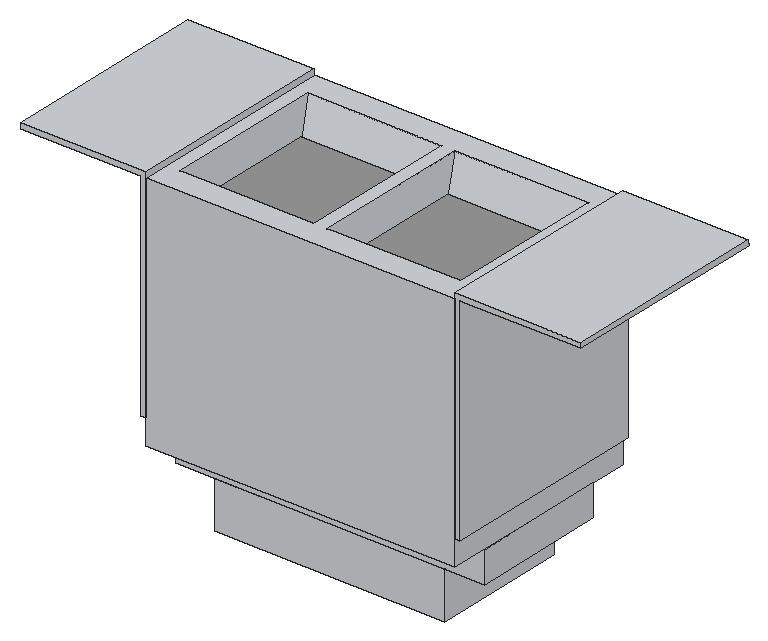
Revit family "2061079 Sylvania Lighting Fixture DOMINO 2xLED 940 BLACK NB TRIMLESS WHITE", category Lighting Fixtures, host Face, Revit 2018
Family settings
  Host = Face
  Round Connector Dimension = Use Diameter
  Part Type = Normal
  OmniClass Number = 23.80.70.00
  OmniClass Title = Lighting
  Cut with Voids When Loaded = No
  Light Source = Yes
  Shared = No
  Room Calculation Point = No
Parameters (values of type "2061079 DOMINO 2XLED 940 BLACK NB TS WHT ")
  top top length = 44 mm
  Width = 50 mm
  Weight = "n/a"
  Wattage Comments = ""
  Wattage = 9.2903 W
  WarrantyStartDate [instance] = "n/a"
  WarrantyGuarantorParts = "n/a"
  WarrantyDurationUnit = "n/a"
  WarrantyDurationParts = ""
  WarrantyDescription = "http://www.sylvania-lighting.com"
  built-in parameter 1150110 = 1 (stored number, unit not read)
  Voltage = 0 V
  URL = "0.6"
  TypeName = "DOMINO 2xLED 940 BLACK NB TRIMLESS WHITE"
  Type Image = <None>
  Type Comments = "n/a"
  built-in parameter 1114217 = 1 (stored number, unit not read)
  Top Width = 26 mm
  Tilt Angle = 90.00°
  built-in parameter 1150109 = 1 (stored number, unit not read)
  built-in parameter 1150134 = 3
  built-in parameter 1150113 = 1 (stored number, unit not read)
  SerialNumber [instance] = "n/a"
  Recessed Width = 43 mm
  Recessed Length = 63 mm
  Photometric Web File = "2061079.ies"
  Material_3_FEILO = none
  PowerFactor = 0
  PowerConsumption = "Lighting"
  NominalLength = 40 mm
  NominalHeight = 0 mm
  NominalDepth = 0 mm
  Name = "DOMINO 2xLED 940 BLACK NB TRIMLESS WHITE"
  ModelReference = Name  # "DOMINO 2xLED 940 BLACK NB TRIMLESS WHITE"
  ModelNumber = "2061079"
  Model = Name  # "DOMINO 2xLED 940 BLACK NB TRIMLESS WHITE"
  Material = "Feilo Sylvania"
  ManufacturerName = "59 lm/W"
  Manufacturer = ""
  LuminousEfficacy = ""
  built-in parameter 1150105 = 109.82 (stored number, unit not read)
  Lumens = 1380 lm
  LuminaireType = "0"
  built-in parameter 1150115 = 1 (stored number, unit not read)
  LightOutputRatio = "LED"
  built-in parameter 1150137 = (empty or 0)
  built-in parameter 1150139 = (empty or 0)
  Lens Width = 32 mm
  Lens = Glass, White, High Luminance
  Length = 69 mm
  LampsType = Lamp  # "n/a"
  LampNominalLuminous = "4000 K"
  LampMacAdamStep = "90"
  LampColourTemperature = "LED"
  LampColourRenderingIndex = "16500"
  built-in parameter 1150112 = 1 (stored number, unit not read)
  built-in parameter 1150114 = 1 (stored number, unit not read)
  Lamp = "n/a"
  Keynote = "n/a"
  InstallationDate [instance] = "n/a"
  InputVoltage = "0"
  InputNominalFrequency = "4000"
  built-in parameter 1150132 = (empty or 0)
  built-in parameter 1150102 = (empty or 0)
  built-in parameter 1150107 = 3200 (stored number, unit not read)
  built-in parameter 1150138 = (empty or 0)
  IngressProtection = "IfcLightFixtureType"
  ImpactProtectionIndex = "IfcLightFixtureType"
  built-in parameter 1150106 = 1.0982 (stored number, unit not read)
  IfcExportType = "IfcLightFixtureType"
  IfcExportAs = "Class II"
  Facia internal width = 37 mm
  Facia internal length = 56 mm
  Facia Height = 2 mm
  ExpectedLife = 50000
  Emit from Circle Diameter = 609.6 mm
  Emit Shape Visible in Rendering = no
  ElectricShockClassification = "59"
  built-in parameter 1150104 = 13.8 (stored number, unit not read)
  DurationUnit = "hours"
  DocumentationLiterature = "http://www.sylvania-lighting.com/product/en-int/products/2061079"
  DimmingControlOptions = "n/a"
  Material_2_FEILO = none
  Dimming Lamp Color Temperature Shift = <None>
  Description = "Modular LED recessed linear spotlight, ideal for retail and hospitality applications. Die-cast aluminium body, passive cooling. Two levels of reflector installation, low glaring UGR<16. 2x LED source, 15° beam angle , optics: PMMA lens and polycarbonate reflector combination, Black matt reflector finish. Light color temperature: 4000K neutral white, total system power: 6W , total fixture lumen output: 350lm, efficacy: 59 lm/W, Ra90 typical, LED chromacity: 3 step MacAdam ellipse (SDCM3), lifespan: 96,000 hours at 90% of the original output (L90B10), IR/UV free light source without heat radiation, operating voltage: 220-240V / 50-60Hz, electronic driver, ultra low flicker, non-dimmable , electrical protection: Class II. Degree of Protection: IP40/IP20, suitable for indoor environment only. Ceiling cut-out: 42x42mm, outer dimensions:  64x40mm , trimless frame RAL 9016 - Traffic white / Bezel color.5 years Warranty."
  Default Elevation = 1219.2 mm
  CreatedOn = "11/02/2021"
  CreatedBy = "@sylvania-lighting.com"
  Cost = 0
  Color Filter = 16777215
  built-in parameter 1114216 [instance] = (empty or 0)
  ClassificationValue = "EF_70_80"
  ClassificationName = "Uniclass2015"
  Material_1_FEILO = none
  Body Width = 40 mm
  Body Length = 59 mm
  BarCode [instance] = "n/a"
  built-in parameter 1114218 = 1 (stored number, unit not read)
  built-in parameter 1150133 = 10 (stored number, unit not read)
  AssetType = "Fixed"
  AssetIdentifier [instance] = "n/a"
  Assembly Code = "D5020200"
  Apparent Load = 6 VA
  Material_4_FEILO = none
Reference planes
  plane 1 "Center (Front/Back)": y = 0
  plane 2: z = 0
  plane 3 "Center (Left/Right)": x = 0
  plane 4: z = 0
  plane 5: z = -7
  plane 6: z = -45.895
  plane 7: z = -51.895
  plane 8: z = -60.895
  plane 9: x = -31.5
  plane 10: x = 31.5
  plane 11: y = 21.5
  plane 12: y = -21.5
  plane 13: x = -34.5
  plane 14: x = 34.5
  plane 15: y = 25
  plane 16: y = -25
  plane 17: x = 28
  plane 18: x = -28
  plane 19: y = 18.5
  plane 20: y = -18.5
  plane 21: z = 2
  plane 22: x = -29.5
  plane 23: x = 29.5
  plane 24: y = 20
  plane 25: y = -20
  plane 26: y = 13
  plane 27: y = -13
  plane 28: x = 22
  plane 29: y = 16
  plane 30: y = -16
  plane 31: x = -27
  plane 32: x = -1
  plane 33: x = -26
  plane 34: x = -2
  plane 35: y = 12.5
  plane 36: y = -12.5
  plane 37: x = 27
  plane 38: x = 1
  plane 39: x = 2
  plane 40: x = 26.026
  plane 41: x = -30.5
  plane 42: z = 1
  plane 43: x = -53.5
  plane 44: z = -41
  plane 45: x = 30.5
  plane 46: x = 53.5
Forms (mm)
  Extrusion 1, solid, not visible, detail levels medium+fine
    sketch origin (4.2, 0, 0) x (1, 0, 0) y (0, 1, 0)
      loop
        line (-29.2, 34.5) -> (-29.2, -34.5) -> (20.8, -34.5) -> (20.8, 34.5) -> (-29.2, 34.5)
    from 0 to 1
  Extrusion 2, solid, not visible, detail levels medium+fine
    sketch origin (4.044, 0, 0) x (1, 0, 0) y (0, 1, 0)
      loop
        line (-29.2, 34.5) -> (-29.2, -34.5) -> (20.8, -34.5) -> (20.8, 34.5) -> (-29.2, 34.5)
    from 0 to 1
  Blend 3, solid, not visible, detail levels medium+fine
    base sketch origin (4.2, 0, 0) x (1, 0, 0) y (0, 1, 0)
      loop
        line (-29.2, 34.5) -> (-29.2, -34.5) -> (20.8, -34.5) -> (20.8, 34.5) -> (-29.2, 34.5)
    top sketch origin (4.2, 0, 0) x (1, 0, 0) y (0, 1, 0)
      loop
        line (-21.7, 28) -> (-21.7, -28) -> (13.3, -28) -> (13.3, 28) -> (-21.7, 28)
    from 1 to 3
  Extrusion 4, solid, not visible, detail levels medium+fine
    sketch origin (3.419, 0, 0) x (1, 0, 0) y (0, 1, 0)
      loop
        line (-29.2, 34.5) -> (-29.2, -34.5) -> (20.8, -34.5) -> (20.8, 34.5) -> (-29.2, 34.5)
    from 0 to 1
  Blend 5, solid, not visible, detail levels medium+fine
    base sketch origin (3.575, 0, 0) x (1, 0, 0) y (0, 1, 0)
      loop
        line (-29.2, 34.5) -> (-29.2, -34.5) -> (20.8, -34.5) -> (20.8, 34.5) -> (-29.2, 34.5)
    top sketch origin (3.575, 0, 0) x (1, 0, 0) y (0, 1, 0)
      loop
        line (-21.7, 28) -> (-21.7, -28) -> (13.3, -28) -> (13.3, 28) -> (-21.7, 28)
    from 1 to 3
  Extrusion 6, solid, not visible, detail levels medium+fine
    sketch origin (4.247, 0, 0) x (1, 0, 0) y (0, 1, 0)
      loop
        line (-29.2, 34.5) -> (-29.2, -34.5) -> (20.8, -34.5) -> (20.8, 34.5) -> (-29.2, 34.5)
    from 0 to 1
  Blend 7, solid, not visible, detail levels medium+fine
    base sketch origin (4.403, 0, 0) x (1, 0, 0) y (0, 1, 0)
      loop
        line (-29.2, 34.5) -> (-29.2, -34.5) -> (20.8, -34.5) -> (20.8, 34.5) -> (-29.2, 34.5)
    top sketch origin (4.403, 0, 0) x (1, 0, 0) y (0, 1, 0)
      loop
        line (-21.7, 28) -> (-21.7, -28) -> (13.3, -28) -> (13.3, 28) -> (-21.7, 28)
    from 1 to 3
  Extrusion 8, void, detail levels medium+fine
    sketch origin (4.2, 0, 0) x (0, 1, 0) y (1, 0, 0)
      loop
        line (21.5, -35.7) -> (21.5, 27.3) -> (-21.5, 27.3) -> (-21.5, -35.7) -> (21.5, -35.7)
    from -9.934 to 83.097
  Extrusion 9, solid, detail levels medium+fine
    sketch origin (4.2, 0, 0) x (1, 0, 0) y (0, 1, 0)
      loop
        line (-33.7, 20) -> (-33.7, -20) -> (25.3, -20) -> (25.3, 20) -> (-33.7, 20)
    from 0 to -45.895
  Extrusion 10, solid, detail levels medium+fine
    sketch origin (4.2, 0, 0) x (1, 0, 0) y (0, 1, 0)
      loop
        line (-33.7, 13) -> (-33.7, -13) -> (25.3, -13) -> (25.3, 13) -> (-33.7, 13)
    from -51.895 to -45.895
  Extrusion 11, solid, detail levels fine
    sketch origin (4.2, 0, 0) x (1, 0, 0) y (0, 1, 0)
      loop
        line (-26.2, 13) -> (-26.2, -13) -> (17.8, -13) -> (17.8, 13) -> (-26.2, 13)
    from -60.895 to -51.895
  Blend 12, void, detail levels medium+fine
    base sketch origin (4.2, 0, 0) x (0, 1, 0) y (-1, 0, 0)
      loop
        line (16, 31.2) -> (-16, 31.2) -> (-16, 5.2) -> (16, 5.2) -> (16, 31.2)
    top sketch origin (4.2, 0, 0) x (0, 1, 0) y (-1, 0, 0)
      loop
        line (12.5, 30.2) -> (-12.5, 30.2) -> (-12.5, 6.2) -> (12.5, 6.2) -> (12.5, 30.2)
    from 2 to -7
  Blend 13, void, detail levels medium+fine
    base sketch origin (4.2, 0, 0) x (0, 1, 0) y (-1, 0, 0)
      loop
        line (16, 3.2) -> (-16, 3.2) -> (-16, -22.8) -> (16, -22.8) -> (16, 3.2)
    top sketch origin (4.2, 0, 0) x (0, 1, 0) y (-1, 0, 0)
      loop
        line (12.5, 2.2) -> (-12.5, 2.2) -> (-12.5, -21.826) -> (12.5, -21.826) -> (12.5, 2.2)
    from 2 to -7
  Extrusion 14, solid, material "Glass, White, High Luminance" <- "Lens", detail levels fine
    sketch origin (0, 1219.2, 38) x (1, 0, 0) y (0, 1, 0)
      loop
        line (-26, -1206.7) -> (-26, -1231.7) -> (-2, -1231.7) -> (-2, -1206.7) -> (-26, -1206.7)
    from -45 to -44
  Extrusion 15, solid, material "Glass, White, High Luminance" <- "Lens", detail levels fine
    sketch origin (4.2, 0, 0) x (1, 0, 0) y (0, 1, 0)
      loop
        line (-2.2, 12.5) -> (-2.2, -12.5) -> (21.826, -12.5) -> (21.826, 12.5) -> (-2.2, 12.5)
    from -7 to -6
  Extrusion 16, solid, detail levels coarse
    sketch origin (0, 1219.2, 38) x (1, 0, 0) y (0, 1, 0)
      loop
        line (53.5, -1199.2) -> (-53.5, -1199.2) -> (-53.5, -1239.2) -> (53.5, -1239.2) -> (53.5, -1199.2)
    from -36 to -98.895
  Extrusion 17, solid, detail levels medium+fine
    sketch origin (0, 0, 0) x (1, 0, 0) y (0, 0, 1)
      loop
        line (-29.5, -41) -> (-29.5, 1) -> (-53.5, 1) -> (-53.5, 0) -> (-30.5, 0) -> (-30.5, -41) -> (-29.5, -41)
    from -20 to 20
  Extrusion 18, solid, detail levels medium+fine
    sketch origin (0, 0, 0) x (1, 0, 0) y (0, 0, 1)
      loop
        line (53.5, 1) -> (29.5, 1) -> (29.5, -41) -> (30.5, -41) -> (30.5, 0) -> (53.5, 0) -> (53.5, 1)
    from -20 to 20
Cuts and joins
  Blend 12, Blend 13 cuts Extrusion 9
Dimensions and locks
  "Recessed Length": plane 9 to plane 10
  equal spacing: plane 9, plane 3 "Center (Left/Right)", plane 10
  "Length": plane 13 to plane 14
  equal spacing: plane 13, plane 3 "Center (Left/Right)", plane 14
  "Recessed Width": plane 11 to plane 12
  equal spacing: plane 11, plane 1 "Center (Front/Back)", plane 12
  "Width": plane 15 to plane 16
  equal spacing: plane 15, plane 1 "Center (Front/Back)", plane 16
  "Facia internal length": plane 18 to plane 17
  equal spacing: plane 18, plane 3 "Center (Left/Right)", plane 17
  "Facia internal width": plane 19 to plane 20
  equal spacing: plane 19, plane 1 "Center (Front/Back)", plane 20
  "Facia Height": plane 21 to host face
  "Body Length": plane 22 to plane 23
  equal spacing: plane 22, plane 3 "Center (Left/Right)", plane 23
  "Body Width": plane 24 to plane 25
  equal spacing: plane 24, plane 1 "Center (Front/Back)", plane 25
  "Top Width": plane 26 to plane 27
  equal spacing: plane 26, plane 1 "Center (Front/Back)", plane 27
  plane 3 "Center (Left/Right)" to plane 28 = 22 mm
  "Lens Width": plane 29 to plane 30
  equal spacing: plane 29, plane 1 "Center (Front/Back)", plane 30
  aligned and locked: plane 2 to host face
  aligned and locked: level to host face
  aligned and locked: plane 7 to Extrusion 11
  aligned and locked: Extrusion 10 to plane 7
  aligned and locked: Extrusion 9 to plane 6
  aligned and locked: Blend 12 to plane 5
  aligned and locked: plane 21 to Blend 12
  aligned and locked: Blend 13 to plane 5
  aligned and locked: plane 21 to Blend 13
Automatic sketch dimensions
  host sketch curve to host sketch curve = 2438.4 mm  (x2)
  Extrusion 1 sketch curve to Extrusion 1 sketch curve = 50 mm
  Extrusion 1 sketch curve to Extrusion 1 sketch curve = 69 mm
  Extrusion 2 sketch curve to Extrusion 2 sketch curve = 50 mm
  Extrusion 2 sketch curve to Extrusion 2 sketch curve = 69 mm
  Blend 3 sketch curve to Blend 3 sketch curve = 50 mm
  Blend 3 sketch curve to Blend 3 sketch curve = 69 mm
  Blend 3 sketch curve to Blend 3 sketch curve = 35 mm
  Blend 3 sketch curve to Blend 3 sketch curve = 56 mm
  Extrusion 4 sketch curve to Extrusion 4 sketch curve = 50 mm
  Extrusion 4 sketch curve to Extrusion 4 sketch curve = 69 mm
  Blend 5 sketch curve to Blend 5 sketch curve = 50 mm
  Blend 5 sketch curve to Blend 5 sketch curve = 69 mm
  Blend 5 sketch curve to Blend 5 sketch curve = 35 mm
  Blend 5 sketch curve to Blend 5 sketch curve = 56 mm
  Extrusion 6 sketch curve to Extrusion 6 sketch curve = 50 mm
  Extrusion 6 sketch curve to Extrusion 6 sketch curve = 69 mm
  Blend 7 sketch curve to Blend 7 sketch curve = 50 mm
  Blend 7 sketch curve to Blend 7 sketch curve = 69 mm
  Blend 7 sketch curve to Blend 7 sketch curve = 35 mm
  Blend 7 sketch curve to Blend 7 sketch curve = 56 mm
  Extrusion 8 sketch curve to plane 9 = 0 mm
  Extrusion 8 sketch curve to plane 12 = 0 mm
  Extrusion 8 sketch curve to plane 11 = 0 mm
  Extrusion 8 sketch curve to plane 10 = 0 mm
  Extrusion 9 sketch curve to plane 22 = 0 mm
  Extrusion 9 sketch curve to plane 23 = 0 mm
  Extrusion 9 sketch curve to plane 25 = 0 mm
  Extrusion 9 sketch curve to plane 24 = 0 mm
  Extrusion 10 sketch curve to plane 22 = 0 mm
  Extrusion 10 sketch curve to plane 23 = 0 mm
  Extrusion 10 sketch curve to plane 27 = 0 mm
  Extrusion 10 sketch curve to plane 26 = 0 mm
  Extrusion 11 sketch curve to plane 27 = 0 mm
  Extrusion 11 sketch curve to plane 28 = 0 mm
  Extrusion 11 sketch curve to plane 26 = 0 mm
  plane 18 to Extrusion 11 sketch curve = 6 mm
  Blend 12 sketch curve to plane 30 = 0 mm
  Blend 12 sketch curve to plane 29 = 0 mm
  Blend 12 sketch curve to plane 32 = 0 mm
  Blend 12 sketch curve to plane 31 = 0 mm
  Blend 12 sketch curve to plane 33 = 0 mm
  Blend 12 sketch curve to plane 36 = 0 mm
  Blend 12 sketch curve to plane 35 = 0 mm
  Blend 12 sketch curve to plane 34 = 0 mm
  Blend 13 sketch curve to plane 30 = 0 mm
  Blend 13 sketch curve to plane 29 = 0 mm
  Blend 13 sketch curve to plane 37 = 0 mm
  Blend 13 sketch curve to plane 38 = 0 mm
  Blend 13 sketch curve to plane 36 = 0 mm
  Blend 13 sketch curve to plane 35 = 0 mm
  Blend 13 sketch curve to plane 40 = 0 mm
  Blend 13 sketch curve to plane 39 = 0 mm
  plane 31 to Extrusion 14 sketch curve = 1 mm
  Extrusion 14 sketch curve to plane 11 = 9 mm
  Extrusion 14 sketch curve to plane 34 = 0 mm
  plane 1 "Center (Front/Back)" to Extrusion 14 sketch curve = 12.5 mm
  Extrusion 15 sketch curve to plane 36 = 0 mm
  Extrusion 15 sketch curve to plane 39 = 0 mm
  Extrusion 15 sketch curve to plane 40 = 0 mm
  Extrusion 15 sketch curve to plane 35 = 0 mm
  Extrusion 16 sketch curve to plane 33 = 27.5 mm
  plane 14 to Extrusion 16 sketch curve = 19 mm
  plane 16 to Extrusion 16 sketch curve = 45 mm
  Extrusion 16 sketch curve to plane 36 = 7.5 mm
  Extrusion 17 sketch curve to level = 0 mm
  Extrusion 17 sketch curve to plane 43 = 0 mm
  Extrusion 17 sketch curve to plane 41 = 0 mm
  Extrusion 17 sketch curve to plane 22 = 0 mm
  Extrusion 17 sketch curve to plane 44 = 0 mm
  Extrusion 17 sketch curve to plane 42 = 0 mm
  Extrusion 18 sketch curve to plane 23 = 0 mm
  Extrusion 18 sketch curve to plane 44 = 0 mm
  Extrusion 18 sketch curve to plane 45 = 0 mm
  Extrusion 18 sketch curve to plane 46 = 0 mm
  Extrusion 18 sketch curve to plane 42 = 0 mm
  Extrusion 18 sketch curve to level = 0 mm
